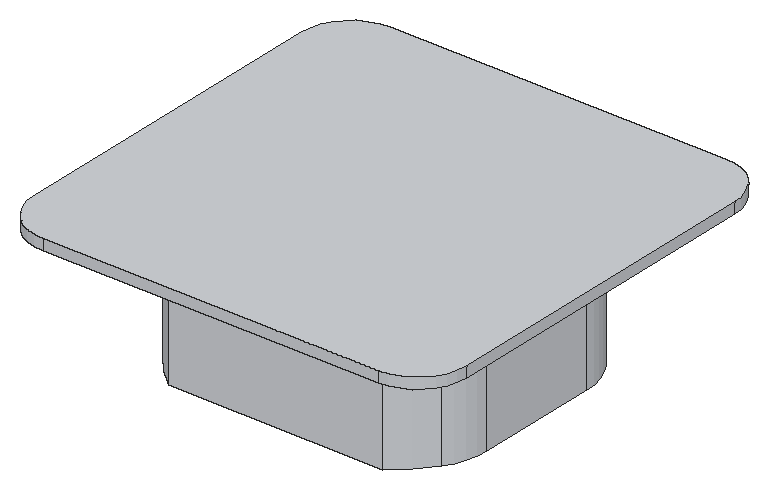
Revit family "Gira_010700", category Electrical Fixtures, host Face, Revit 2017
Family settings
  Host = Face
  Maintain Annotation Orientation = Yes
  Round Connector Dimension = Use Diameter
  Part Type = Normal
  Cut with Voids When Loaded = No
  Shared = No
  Room Calculation Point = No
Parameters (values of type "Wippschalter Kreuz Einsatz")
  Zusammenstellung = "Basiselement"
  Werkstoffgüte = "sonstige"
  Werkstoff = "sonstige"
  Waschmaschinenschalter = "No"
  URL = "http://katalog.gira.de/de_DE/datenblatt.html?artikelnr=010700"
  Textfeld/Beschriftungsfläche = "nein"
  Tastschalter = "No"
  Schaltungsart = "Kreuzschalter"
  Rückmeldekontakt = "No"
  Region = "DE"
  Oberfläche = "sonstige"
  Nennspannung = "250 Volt"
  Name = "Wippschalter Kreuz Einsatz"
  Montageart = "unter Putz"
  Mit Montageplatte = "No"
  Manufacturer URL = "https://www.gira.de/"
  Keynote = "Einsatz_1fach"
  HeinzeBIM = "https://bimportal.heinze.de/bim/wippschalter-kreuz-einsatz/437046deabfa3d6430cd1b3d5b05b0cbe994332d"
  Halogenfrei = "No"
  HAN = "010700"
  Geeignet für Schutzart (IP) = "IP20"
  GTIN = "4010337107002"
  Farbe = "sonstige"
  Default Elevation = 1219.2 mm
  Data sheet (1) = "https://katalog.gira.de/de_DE/download.html?artikelnr=010700"
  Category = "Installationsschalter"
  Bemessungsstrom = "10 Ampere"
  Beleuchtungsfunktion = "beleuchtet wenn eingeschaltet"
  Beleuchtungsart = "nicht mitgeliefert"
  Beleuchtung = "ja"
  Befestigungsart = "Krallen-/Schraubbefestigung"
  Bedienungsart = "Wippe/Taste"
  Available = "Yes"
  Anzahl der Module (bei Modulbauweise) = "1 "
  Anzahl der Betätigungswippen = "1 "
  Anschlussart = "Steckklemme"
Reference planes
  plane 1 "Center (Front/Back)": y = 0
  plane 2: z = 0
  plane 3 "Center (Left/Right)": x = 0
Forms (mm)
  Extrusion 1, solid, detail levels fine
    sketch origin (0, 0, 0) x (1, 0, 0) y (0, 1, 0)
      loop
        line (27.475, 35.475) -> (-27.475, 35.475)
        arc (-27.475, 35.475) -> (-33.132, 33.132) -> (-35.475, 27.475) r 8
        line (-35.475, 27.475) -> (-35.475, -27.475)
        arc (-35.475, -27.475) -> (-33.132, -33.132) -> (-27.475, -35.475) r 8
        line (-27.475, -35.475) -> (27.475, -35.475)
        arc (27.475, -35.475) -> (33.132, -33.132) -> (35.475, -27.475) r 8
        line (35.475, -27.475) -> (35.475, 27.475)
        arc (35.475, 27.475) -> (33.132, 33.132) -> (27.475, 35.475) r 8
    from 0 to 1.8
  Extrusion 2, solid, detail levels fine
    sketch origin (0, 0, 0) x (1, 0, 0) y (0, 1, 0)
      loop
        line (9.678, 25.4) -> (-9.678, 25.4)
        arc (-9.678, 25.4) -> (-12.885, 24.922) -> (-15.814, 23.53) r 11
        arc (-15.814, 23.53) -> (-17.795, 22.07) -> (-19.641, 20.444) r 28.35
        arc (-19.641, 20.444) -> (-21.339, 18.665) -> (-22.876, 16.745) r 28.35
        arc (-22.876, 16.745) -> (-24.456, 13.666) -> (-25, 10.248) r 11
        line (-25, 10.248) -> (-25, -10.248)
        arc (-25, -10.248) -> (-24.456, -13.666) -> (-22.876, -16.745) r 11
        arc (-22.876, -16.745) -> (-20.409, -19.677) -> (-17.569, -22.25) r 28.35
        line (-17.569, -22.25) -> (17.569, -22.25)
        arc (17.569, -22.25) -> (20.409, -19.677) -> (22.876, -16.745) r 28.35
        arc (22.876, -16.745) -> (24.456, -13.666) -> (25, -10.248) r 11
        line (25, -10.248) -> (25, 10.248)
        arc (25, 10.248) -> (24.456, 13.666) -> (22.876, 16.745) r 11
        arc (22.876, 16.745) -> (21.593, 18.37) -> (20.195, 19.897) r 28.35
        arc (20.195, 19.897) -> (18.096, 21.823) -> (15.814, 23.53) r 28.35
        arc (15.814, 23.53) -> (12.885, 24.922) -> (9.678, 25.4) r 11
    from -22 to 0
  Extrusion 3, solid, detail levels medium
    sketch origin (0, 0, 0) x (1, 0, 0) y (0, 1, 0)
      loop
        line (-25, 25.4) -> (-25, -22.25) -> (25, -22.25) -> (25, 25.4) -> (-25, 25.4)
    from -22 to 0
  Extrusion 4, solid, detail levels coarse
    sketch origin (0, 0, 0) x (1, 0, 0) y (0, 1, 0)
      loop
        line (35.475, 35.475) -> (-35.475, 35.475) -> (-35.475, -35.475) -> (35.475, -35.475) -> (35.475, 35.475)
    from -22 to 1.8
  Extrusion 5, solid, detail levels medium
    sketch origin (0, 0, 0) x (1, 0, 0) y (0, 1, 0)
      loop
        line (35.475, 35.475) -> (-35.475, 35.475) -> (-35.475, -35.475) -> (35.475, -35.475) -> (35.475, 35.475)
    from 0 to 1.8
Dimensions and locks
  aligned and locked: plane 2 to host face
  aligned and locked: level to host face
  aligned and locked: plane 3 "Center (Left/Right)" to nested 1
  aligned and locked: plane 1 "Center (Front/Back)" to nested 1
Nested families
  nested 1: "RJ45-Datendose Beschriftung" at (0, 0, 0), type "RJ45-Datendose Beschriftung"
Connectors
  electrical at (0, 0, -22)
    settings: on Extrusion 4, index 1, voltage 220 V, apparent load 0 VA, apparent load phase1 0 VA, apparent load phase2 0 VA, apparent load phase3 0 VA, power factor 1, load classification "Other", number of poles 1, system type 30, power factor state 1, is connector primary yes, connector utility no, sub classification motor no, connector description ""
Definition of nested family "RJ45-Datendose Beschriftung"
  Reference planes
    plane 1: y = 0
    plane 2: x = 0
  Lines and regions (mm)
    Filled region 1, type "Gefüllter Bereich 1"
      outline origin (0, 0, 0) x (1, 0, 0) y (0, 1, 0)
        loop
          circle (0, 2.4) r 0.4
    detail lines
      curve 1: line (0, 0, 0) -> (0, 2, 0)
      curve 2: line (0, 2, 0) -> (1.2, 2, 0)
      curve 3: line (1.2, 2, 0) -> (1.2, 3.6, 0)
      curve 4: circle (0, 2.4, 0) r 0.4 normal (0, 0, 1)
      curve 5: line (0, 2, 0) -> (-1.2, 2, 0)
      curve 6: line (-1.2, 2, 0) -> (-1.2, 3.6, 0)
